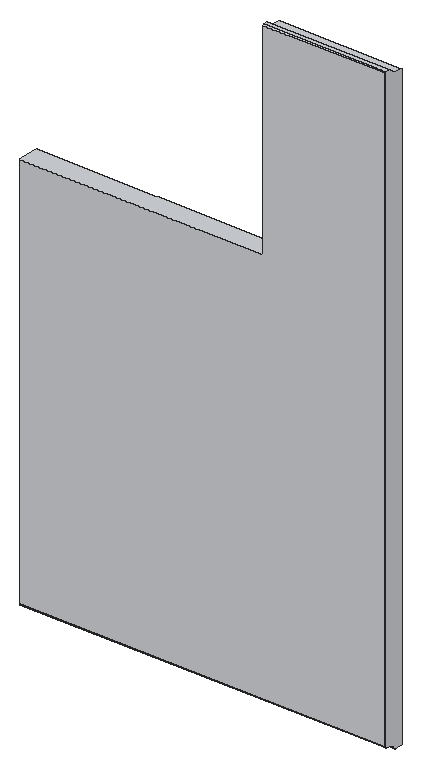
Revit family "GEN_A3-External-Facade-Top-Middle-Panel-G13", category Curtain Panels, Revit 2016
Family settings
  OmniClass Number = 23.25.20.14.11.11.17
  OmniClass Title = Infill Panels
  Always vertical = Yes
  Cut with Voids When Loaded = No
  Shared = No
Parameters (values of type "External Facade")
  Panel Thickness = 200 mm
  Panel 1 [instance] = none
  Fill [instance] = Poche
  Assembly Code = ""
Reference planes
  plane 1 "Center (Front/Back)": y = 0
  plane 2: z = 0
  plane 3 "Center (Left/Right)": x = -3.8
  plane 4 "Left": x = -1754.2
  plane 5 "Right": x = 1746.6
  plane 6 "Top": z = 5785
  plane 7 "face": y = 100
  plane 8: y = -100
  plane 9: z = 0
  plane 10: x = 579.667
  plane 11: x = -587.267
  plane 12: x = 572.167
  plane 13: x = 587.167
  plane 14: x = -579.767
  plane 15: x = -594.767
  plane 16: z = -7.5
  plane 17: z = 7.5
  plane 18 "1": y = 100
  plane 19 "2": y = 100
  plane 20 "3": y = 100
  plane 21 "4": y = 100
  plane 22 "5": y = 100
  plane 23 "6": y = 100
  plane 24 "150": y = 50
Forms (mm)
  Extrusion 1, void
    sketch origin (0, 0, 0) x (1, 0, 0) y (0, 1, 0)
      loop
        line (-1744.2, -100) -> (-1754.2, -90) -> (-1754.2, -100) -> (-1744.2, -100)
    from 0 to 10050
  Extrusion 2, void
    sketch origin (0, 0, 0) x (1, 0, 0) y (0, 1, 0)
      loop
        line (1736.6, -100) -> (1746.6, -100) -> (1746.6, -90) -> (1736.6, -100)
    from 0 to 10050
  Extrusion 3, solid
    sketch origin (-3.8, 0, 0) x (0, 1, 0) y (0, 0, 1)
      loop
        line (85, 0) -> (100, 5) -> (100, 5785) -> (15, 5785) -> (-45, 5835) -> (-90, 5835) -> (-100, 5825) -> (-100, 62.859) -> (-87.141, 50) -> (-37, 50) -> (23, 0) -> (85, 0)
    from -1750.4 to 1746.6
  Sweep 4, void
    path origin (0, 100, 0) x (-1, 0, 0) y (0, 0, 1)
      loop
        line (-579.667, 0) -> (-579.667, 5785)
    profile "Resess Profile : Resess Profile" origin (579.667, 100, 2892.5) x (1, 0, 0) y (0, 1, 0)
      loop
        line (0, -10) -> (10, 0) -> (-10, 0) -> (0, -10)
  Sweep 5, void
    path origin (1002.5, 100, 0) x (-1, 0, 0) y (0, 0, 1)
      loop
        line (-746.6, 0) -> (2756.7, 0) -> (2756.7, 5785) -> (-746.6, 5785) -> (-746.6, 0)
    profile "Resess Profile : Resess Profile" origin (1749.1, 100, 2892.5) x (1, 0, 0) y (0, 1, 0)
      loop
        line (0, -10) -> (10, 0) -> (-10, 0) -> (0, -10)
  Extrusion 6, void
    sketch origin (0, 0, 0) x (1, 0, 0) y (0, 0, 1)
      loop
        line (572.167, 5835) -> (-1754.2, 5835) -> (-1754.2, 3864.167) -> (572.167, 3864.167) -> (572.167, 5835)
    from -100 to 100
  Sweep 7, void
    path origin (-660, 100, 0) x (-1, 0, 0) y (0, 0, 1)
      loop
        line (-72.733, 0) -> (-72.733, 5785)
    profile "Resess Profile : Resess Profile" origin (-587.267, 100, 2892.5) x (1, 0, 0) y (0, 1, 0)
      loop
        line (0, -10) -> (10, 0) -> (-10, 0) -> (0, -10)
Cuts and joins
  Extrusion 1, Extrusion 2, Sweep 4, Sweep 5, Extrusion 6, Sweep 7 cuts Extrusion 3
Text (mm)
  text "Exterior" at (-2351.972, 1416.179, 0), in view "Ref. Level"
  text "Exterior" at (0, 2290.741, 4406.713), in view "Left"
  text "Exterior" at (0, 1328.187, 4120.349), in view "Right"
Dimensions and locks
  equal spacing: plane 4 "Left", plane 3 "Center (Left/Right)", plane 5 "Right"
  plane 7 "face" to plane 1 "Center (Front/Back)" to plane 8 = 100 mm, 100 mm locked
  plane 7 "face" to plane 8 = 200 mm
  plane 4 "Left" to plane 5 "Right" = 3500.8 mm
  plane 2 to plane 6 "Top" = 5785 mm
  equal spacing: plane 4 "Left", plane 11, plane 10, plane 5 "Right"
  plane 16 to plane 9 to plane 17 = 7.5 mm locked, 7.5 mm locked
  locked: plane 2 to plane 9
  plane 12 to plane 10 to plane 13 = 7.5 mm locked, 7.5 mm locked
  plane 15 to plane 11 to plane 14 = 7.5 mm locked, 7.5 mm locked
  plane 9 to plane 6 "Top" = 5785 mm
  plane 18 "1" to plane 8 = 200 mm
  plane 19 "2" to plane 8 = 200 mm
  plane 20 "3" to plane 8 = 200 mm
  plane 21 "4" to plane 8 = 200 mm
  plane 22 "5" to plane 8 = 200 mm
  plane 23 "6" to plane 8 = 200 mm
  locked: plane 23 "6" to Extrusion 3 sketch curve at 15
  locked: plane 1 "Center (Front/Back)" to plane 24 "150" at 50
  plane 4 "Left" to plane 3 "Center (Left/Right)" = 1750.4 mm
  locked: plane 6 "Top" to Extrusion 3 sketch curve at 50
  aligned and locked: level to plane 2
  aligned: plane 4 "Left" to Extrusion 3
  aligned and locked: plane 9 to Sweep 4 sketch curve
  aligned: plane 4 "Left" to cut or joined group of Extrusion 1, Extrusion 2, Extrusion 3, Sweep 4, Sweep 5, Extrusion 6, Sweep 7
  aligned: cut or joined group of Extrusion 1, Extrusion 2, Extrusion 3, Sweep 4, Sweep 5, Extrusion 6, Sweep 7 to plane 5 "Right"
  aligned and locked: plane 23 "6" to Extrusion 3 sketch curve
  aligned: plane 10 to cut or joined group of Extrusion 1, Extrusion 2, Extrusion 3, Sweep 4, Sweep 5, Extrusion 6, Sweep 7
  aligned and locked: plane 12 to Extrusion 6 sketch curve
  aligned and locked: Extrusion 6 sketch curve to plane 4 "Left"
  aligned and locked: plane 6 "Top" to Extrusion 3 sketch curve
  aligned and locked: plane 4 "Left" to cut or joined group of Extrusion 1, Extrusion 2, Extrusion 3, Sweep 4, Sweep 5, Extrusion 6, Sweep 7
  aligned and locked: plane 6 "Top" to Sweep 4 sketch curve
  aligned and locked: plane 11 to Sweep 7 sketch curve
  aligned and locked: plane 6 "Top" to Sweep 7 sketch curve
  aligned and locked: plane 6 "Top" to Sweep 5 sketch curve
  aligned and locked: Sweep 5 sketch curve to plane 6 "Top"
  aligned and locked: Sweep 5 sketch curve to plane 4 "Left"
  aligned and locked: plane 9 to Sweep 5 sketch curve
  aligned and locked: Sweep 5 sketch curve to plane 9
Automatic sketch dimensions
  Extrusion 1 sketch curve to plane 4 "Left" = 0 mm
  Extrusion 1 sketch curve to plane 8 = 0 mm
  Extrusion 1 sketch curve to Extrusion 1 sketch curve = 10 mm
  plane 8 to Extrusion 1 sketch curve = 10 mm
  Extrusion 2 sketch curve to plane 8 = 0 mm
  Extrusion 2 sketch curve to plane 5 "Right" = 0 mm
  plane 5 "Right" to Extrusion 2 sketch curve = 10 mm
  Extrusion 2 sketch curve to Extrusion 2 sketch curve = 10 mm
  Extrusion 3 sketch curve to plane 8 = 0 mm
  Extrusion 3 sketch curve to level = 0 mm
  plane 8 to Extrusion 3 sketch curve = 10 mm
  plane 8 to Extrusion 3 sketch curve = 12.859 mm
  plane 1 "Center (Front/Back)" to Extrusion 3 sketch curve = 45 mm
  plane 1 "Center (Front/Back)" to Extrusion 3 sketch curve = 37 mm
  Extrusion 3 sketch curve to plane 1 "Center (Front/Back)" = 15 mm
  Extrusion 3 sketch curve to plane 1 "Center (Front/Back)" = 23 mm
  Extrusion 3 sketch curve to plane 17 = 2.5 mm
  plane 17 to Extrusion 3 sketch curve = 42.5 mm
  Extrusion 3 sketch curve to Extrusion 3 sketch curve = 12.859 mm
  Extrusion 3 sketch curve to Extrusion 3 sketch curve = 10 mm
  plane 10 to Sweep 4 sketch curve = 0 mm
  Sweep 5 sketch curve to plane 5 "Right" = 2.5 mm
  plane 6 "Top" to Extrusion 6 sketch curve = 1920.833 mm
  Extrusion 6 sketch curve to plane 6 "Top" = 50 mm
  Sweep 7 sketch curve to level = 0 mm
